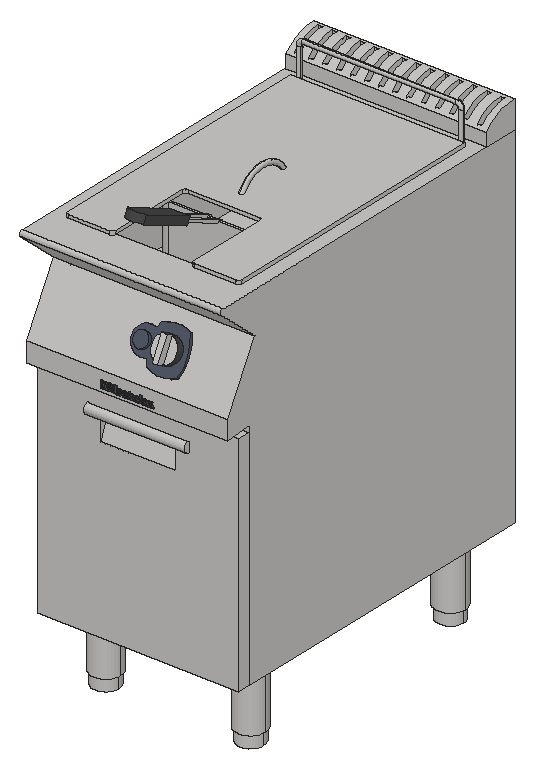
Revit family "QF_ELECTROLUXPROFESSIONAL_371070_E7FRGD1GF0", category Specialty Equipment, Revit 2018 (continued)
Automatic sketch dimensions
  Extrusion 38 sketch curve to Extrusion 38 sketch curve = 1.345 mm  (x2)
  Extrusion 38 sketch curve to Extrusion 38 sketch curve = 0.137 mm  (x2)
  Extrusion 38 sketch curve to Extrusion 38 sketch curve = 0.432 mm
  Extrusion 38 sketch curve to Extrusion 38 sketch curve = 1.142 mm
  Extrusion 38 sketch curve to Extrusion 38 sketch curve = 0.959 mm
  Extrusion 38 sketch curve to Extrusion 38 sketch curve = 0.176 mm
  Extrusion 38 sketch curve to Extrusion 38 sketch curve = 0.728 mm
  Extrusion 38 sketch curve to Extrusion 38 sketch curve = 3.375 mm  (x2)
  Extrusion 38 sketch curve to Extrusion 38 sketch curve = 1.905 mm
  Extrusion 38 sketch curve to Extrusion 38 sketch curve = 0.955 mm
  Extrusion 38 sketch curve to Extrusion 38 sketch curve = 1.251 mm
  Extrusion 38 sketch curve to Extrusion 38 sketch curve = 0.572 mm
  Extrusion 38 sketch curve to Extrusion 38 sketch curve = 1.92 mm
  Extrusion 38 sketch curve to Extrusion 38 sketch curve = 1.224 mm
  Extrusion 38 sketch curve to Extrusion 38 sketch curve = 0.745 mm
  Extrusion 38 sketch curve to Extrusion 38 sketch curve = 2.537 mm
  Extrusion 38 sketch curve to Extrusion 38 sketch curve = 0.896 mm  (x3)
  Extrusion 38 sketch curve to Extrusion 38 sketch curve = 0.036 mm
  Extrusion 38 sketch curve to Extrusion 38 sketch curve = 2.607 mm
  Extrusion 38 sketch curve to Extrusion 38 sketch curve = 0.066 mm
  Extrusion 38 sketch curve to Extrusion 38 sketch curve = 0.248 mm
  Extrusion 38 sketch curve to Extrusion 38 sketch curve = 0.449 mm
  Extrusion 38 sketch curve to Extrusion 38 sketch curve = 1.052 mm
  Extrusion 38 sketch curve to Extrusion 38 sketch curve = 1.863 mm
  Extrusion 38 sketch curve to Extrusion 38 sketch curve = 1.31 mm  (x2)
  Extrusion 38 sketch curve to Extrusion 38 sketch curve = 0.901 mm
  Extrusion 38 sketch curve to Extrusion 38 sketch curve = 1.107 mm
  Extrusion 38 sketch curve to Extrusion 38 sketch curve = 2.122 mm
  Extrusion 38 sketch curve to Extrusion 38 sketch curve = 2.101 mm
  Extrusion 38 sketch curve to Extrusion 38 sketch curve = 0.106 mm
  Extrusion 38 sketch curve to Extrusion 38 sketch curve = 0.029 mm
  Extrusion 38 sketch curve to Extrusion 38 sketch curve = 2.09 mm
  Extrusion 38 sketch curve to Extrusion 38 sketch curve = 1.279 mm
  Extrusion 38 sketch curve to Extrusion 38 sketch curve = 2.008 mm
  Extrusion 38 sketch curve to Extrusion 38 sketch curve = 0.738 mm
  Extrusion 38 sketch curve to Extrusion 38 sketch curve = 0.382 mm
  Extrusion 38 sketch curve to Extrusion 38 sketch curve = 0.384 mm
  Extrusion 38 sketch curve to Extrusion 38 sketch curve = 0.002 mm
  Extrusion 38 sketch curve to Extrusion 38 sketch curve = 0.561 mm
  Extrusion 38 sketch curve to Extrusion 38 sketch curve = 0.592 mm
  Extrusion 38 sketch curve to Extrusion 38 sketch curve = 2.692 mm
  Extrusion 38 sketch curve to Extrusion 38 sketch curve = 1.259 mm
  Extrusion 38 sketch curve to Extrusion 38 sketch curve = 0.802 mm
  Extrusion 38 sketch curve to Extrusion 38 sketch curve = 1.024 mm  (x2)
  Extrusion 38 sketch curve to Extrusion 38 sketch curve = 0.682 mm
  Extrusion 38 sketch curve to Extrusion 38 sketch curve = 5.934 mm
  Extrusion 38 sketch curve to Extrusion 38 sketch curve = 2.186 mm
  Extrusion 38 sketch curve to Extrusion 38 sketch curve = 0.337 mm
  Extrusion 38 sketch curve to Extrusion 38 sketch curve = 0.021 mm
  Extrusion 38 sketch curve to Extrusion 38 sketch curve = 1.005 mm
  Extrusion 38 sketch curve to Extrusion 38 sketch curve = 0.552 mm
  Extrusion 38 sketch curve to Extrusion 38 sketch curve = 0.778 mm
  Extrusion 38 sketch curve to Extrusion 38 sketch curve = 0.063 mm
  Extrusion 38 sketch curve to Extrusion 38 sketch curve = 1.023 mm
  Extrusion 38 sketch curve to Extrusion 38 sketch curve = 3.804 mm
  Extrusion 38 sketch curve to Extrusion 38 sketch curve = 0.486 mm
  Extrusion 38 sketch curve to Extrusion 38 sketch curve = 0.266 mm  (x2)
  Extrusion 38 sketch curve to Extrusion 38 sketch curve = 1.547 mm
  Extrusion 38 sketch curve to Extrusion 38 sketch curve = 0.717 mm  (x2)
  Extrusion 38 sketch curve to Extrusion 38 sketch curve = 1.667 mm
  Extrusion 38 sketch curve to Extrusion 38 sketch curve = 3.174 mm
  Extrusion 38 sketch curve to plane 7 "Center Y" = 0.741 mm
  Extrusion 38 sketch curve to Extrusion 38 sketch curve = 0.388 mm
  Extrusion 38 sketch curve to Extrusion 38 sketch curve = 1.342 mm
  Extrusion 38 sketch curve to Extrusion 38 sketch curve = 1.521 mm
  Extrusion 38 sketch curve to Extrusion 38 sketch curve = 0.124 mm
  Extrusion 38 sketch curve to Extrusion 38 sketch curve = 0.291 mm
  plane 7 "Center Y" to Extrusion 38 sketch curve = 6.176 mm
  Extrusion 38 sketch curve to Extrusion 38 sketch curve = 1.049 mm  (x2)
  Extrusion 38 sketch curve to Extrusion 38 sketch curve = 1.7 mm
  Extrusion 38 sketch curve to Extrusion 38 sketch curve = 0.894 mm
  Extrusion 38 sketch curve to Extrusion 38 sketch curve = 0.989 mm
  Extrusion 38 sketch curve to Extrusion 38 sketch curve = 1.168 mm
  Extrusion 38 sketch curve to Extrusion 38 sketch curve = 1.594 mm
  Extrusion 38 sketch curve to Extrusion 38 sketch curve = 0.731 mm
  Extrusion 38 sketch curve to Extrusion 38 sketch curve = 1.566 mm
  Extrusion 38 sketch curve to Extrusion 38 sketch curve = 0.064 mm
  plane 7 "Center Y" to Extrusion 38 sketch curve = 6.733 mm
  Extrusion 38 sketch curve to Extrusion 38 sketch curve = 0.556 mm  (x2)
  Extrusion 38 sketch curve to Extrusion 38 sketch curve = 0.48 mm
  Extrusion 38 sketch curve to Extrusion 38 sketch curve = 1.018 mm
  Extrusion 38 sketch curve to Extrusion 38 sketch curve = 0.787 mm
  Extrusion 38 sketch curve to Extrusion 38 sketch curve = 0.618 mm
  Extrusion 38 sketch curve to Extrusion 38 sketch curve = 1.672 mm
  Extrusion 38 sketch curve to Extrusion 38 sketch curve = 1.361 mm
  Extrusion 38 sketch curve to Extrusion 38 sketch curve = 0.822 mm
  Extrusion 38 sketch curve to Extrusion 38 sketch curve = 0.069 mm
  Extrusion 38 sketch curve to Extrusion 38 sketch curve = 1.88 mm
  Extrusion 38 sketch curve to Extrusion 38 sketch curve = 0.42 mm
  Extrusion 38 sketch curve to Extrusion 38 sketch curve = 0.062 mm
  Extrusion 38 sketch curve to Extrusion 38 sketch curve = 1.355 mm
  Extrusion 38 sketch curve to Extrusion 38 sketch curve = 2.34 mm
  Extrusion 38 sketch curve to Extrusion 38 sketch curve = 0.493 mm
  Extrusion 38 sketch curve to Extrusion 38 sketch curve = 0.136 mm
  Extrusion 38 sketch curve to Extrusion 38 sketch curve = 0.128 mm
  Extrusion 38 sketch curve to Extrusion 38 sketch curve = 3.616 mm
  Extrusion 38 sketch curve to Extrusion 38 sketch curve = 4.207 mm
  Extrusion 38 sketch curve to Extrusion 38 sketch curve = 0.183 mm
  Extrusion 38 sketch curve to Extrusion 38 sketch curve = 0.895 mm
  Extrusion 38 sketch curve to Extrusion 38 sketch curve = 1.314 mm
  Extrusion 38 sketch curve to Extrusion 38 sketch curve = 3.231 mm
  Extrusion 38 sketch curve to Extrusion 38 sketch curve = 1.299 mm
  Extrusion 38 sketch curve to Extrusion 38 sketch curve = 1.214 mm
  Extrusion 38 sketch curve to Extrusion 38 sketch curve = 1.264 mm
  Extrusion 38 sketch curve to Extrusion 38 sketch curve = 0.109 mm
  Extrusion 38 sketch curve to Extrusion 38 sketch curve = 0.357 mm
  Extrusion 38 sketch curve to Extrusion 38 sketch curve = 0.565 mm
  Extrusion 38 sketch curve to Extrusion 38 sketch curve = 2.504 mm
  Extrusion 38 sketch curve to Extrusion 38 sketch curve = 2.459 mm
  Extrusion 38 sketch curve to Extrusion 38 sketch curve = 1.322 mm
  Extrusion 38 sketch curve to Extrusion 38 sketch curve = 2.77 mm
  Extrusion 38 sketch curve to Extrusion 38 sketch curve = 2.51 mm
  Extrusion 38 sketch curve to Extrusion 38 sketch curve = 0.187 mm
  Extrusion 38 sketch curve to Extrusion 38 sketch curve = 2.559 mm
  Extrusion 38 sketch curve to Extrusion 38 sketch curve = 1.556 mm
  Extrusion 38 sketch curve to Extrusion 38 sketch curve = 0.222 mm
  Extrusion 38 sketch curve to Extrusion 38 sketch curve = 1.383 mm
  Extrusion 38 sketch curve to Extrusion 38 sketch curve = 3.114 mm
  Extrusion 38 sketch curve to Extrusion 38 sketch curve = 3.376 mm
  Extrusion 38 sketch curve to Extrusion 38 sketch curve = 0.934 mm
  Extrusion 38 sketch curve to Extrusion 38 sketch curve = 0.191 mm
  Extrusion 38 sketch curve to Extrusion 38 sketch curve = 3.696 mm
  Extrusion 38 sketch curve to Extrusion 38 sketch curve = 2.708 mm
  Extrusion 38 sketch curve to Extrusion 38 sketch curve = 3.333 mm
  Extrusion 38 sketch curve to Extrusion 38 sketch curve = 0.332 mm
  Extrusion 38 sketch curve to Extrusion 38 sketch curve = 1.087 mm
  Extrusion 38 sketch curve to Extrusion 38 sketch curve = 2.23 mm
  Extrusion 38 sketch curve to Extrusion 38 sketch curve = 2.757 mm
  Extrusion 38 sketch curve to Extrusion 38 sketch curve = 0.987 mm
  Extrusion 38 sketch curve to Extrusion 38 sketch curve = 1.529 mm
  Extrusion 38 sketch curve to Extrusion 38 sketch curve = 1.796 mm
  Extrusion 38 sketch curve to Extrusion 38 sketch curve = 2.859 mm
  Extrusion 38 sketch curve to Extrusion 38 sketch curve = 0.853 mm
  Extrusion 38 sketch curve to Extrusion 38 sketch curve = 1.241 mm
  Extrusion 38 sketch curve to Extrusion 38 sketch curve = 2.046 mm  (x2)
  Extrusion 38 sketch curve to Extrusion 38 sketch curve = 2.422 mm
  Extrusion 38 sketch curve to Extrusion 38 sketch curve = 0.27 mm  (x2)
  Extrusion 38 sketch curve to Extrusion 38 sketch curve = 0.69 mm
  Extrusion 38 sketch curve to Extrusion 38 sketch curve = 0.781 mm  (x2)
  Extrusion 38 sketch curve to Extrusion 38 sketch curve = 3.136 mm
  Extrusion 38 sketch curve to Extrusion 38 sketch curve = 1.767 mm
  Extrusion 38 sketch curve to Extrusion 38 sketch curve = 0.138 mm
  Extrusion 38 sketch curve to Extrusion 38 sketch curve = 0.777 mm
  Extrusion 38 sketch curve to Extrusion 38 sketch curve = 1.19 mm
  Extrusion 38 sketch curve to Extrusion 38 sketch curve = 0.782 mm
  Extrusion 38 sketch curve to Extrusion 38 sketch curve = 1.268 mm
  Extrusion 38 sketch curve to Extrusion 38 sketch curve = 0.422 mm  (x2)
  Extrusion 38 sketch curve to Extrusion 38 sketch curve = 1.559 mm
  Extrusion 38 sketch curve to Extrusion 38 sketch curve = 3.927 mm
  Extrusion 38 sketch curve to Extrusion 38 sketch curve = 0.983 mm
  Extrusion 38 sketch curve to Extrusion 38 sketch curve = 1.134 mm
  Extrusion 38 sketch curve to Extrusion 38 sketch curve = 0.094 mm
  Extrusion 38 sketch curve to Extrusion 38 sketch curve = 1.584 mm
  Extrusion 38 sketch curve to Extrusion 38 sketch curve = 0.643 mm
  Extrusion 38 sketch curve to Extrusion 38 sketch curve = 0.916 mm
  Extrusion 38 sketch curve to Extrusion 38 sketch curve = 0.352 mm
  Extrusion 38 sketch curve to Extrusion 38 sketch curve = 0.458 mm
  Extrusion 38 sketch curve to Extrusion 38 sketch curve = 1.282 mm
  Extrusion 38 sketch curve to Extrusion 38 sketch curve = 1.363 mm
  Extrusion 38 sketch curve to Extrusion 38 sketch curve = 0.685 mm
  Extrusion 38 sketch curve to Extrusion 38 sketch curve = 0.905 mm
  Extrusion 38 sketch curve to Extrusion 38 sketch curve = 2.865 mm
  Extrusion 38 sketch curve to Extrusion 38 sketch curve = 0.472 mm
  Extrusion 38 sketch curve to Extrusion 38 sketch curve = 0.101 mm
  Extrusion 38 sketch curve to Extrusion 38 sketch curve = 0.54 mm
  Extrusion 38 sketch curve to Extrusion 38 sketch curve = 0.02 mm
  Extrusion 38 sketch curve to Extrusion 38 sketch curve = 0.468 mm
  Extrusion 38 sketch curve to Extrusion 38 sketch curve = 0.829 mm
  Extrusion 38 sketch curve to Extrusion 38 sketch curve = 0.582 mm
  Extrusion 38 sketch curve to Extrusion 38 sketch curve = 0.166 mm
  Extrusion 38 sketch curve to Extrusion 38 sketch curve = 0.16 mm
  Extrusion 38 sketch curve to Extrusion 38 sketch curve = 2.781 mm
  Extrusion 38 sketch curve to Extrusion 38 sketch curve = 1.118 mm
  Extrusion 38 sketch curve to Extrusion 38 sketch curve = 0.613 mm
  Extrusion 38 sketch curve to Extrusion 38 sketch curve = 0.361 mm
  Extrusion 38 sketch curve to Extrusion 38 sketch curve = 0.897 mm
  Extrusion 38 sketch curve to Extrusion 38 sketch curve = 0.167 mm
  Extrusion 38 sketch curve to Extrusion 38 sketch curve = 0.292 mm
  Extrusion 38 sketch curve to Extrusion 38 sketch curve = 0.305 mm
  Extrusion 38 sketch curve to Extrusion 38 sketch curve = 1.557 mm
  Extrusion 38 sketch curve to Extrusion 38 sketch curve = 2.499 mm
  Extrusion 38 sketch curve to Extrusion 38 sketch curve = 3.062 mm
  Extrusion 38 sketch curve to Extrusion 38 sketch curve = 2.968 mm
  Extrusion 38 sketch curve to Extrusion 38 sketch curve = 5.044 mm
  Extrusion 38 sketch curve to Extrusion 38 sketch curve = 0.629 mm  (x2)
  Extrusion 38 sketch curve to Extrusion 38 sketch curve = 1.131 mm
  Extrusion 38 sketch curve to Extrusion 38 sketch curve = 0.027 mm
  Extrusion 38 sketch curve to Extrusion 38 sketch curve = 2.235 mm
  radius of Sweep 5 sketch curve = 4.353 mm
  radius of Sweep 6 sketch curve = 3.827 mm
  radius of Extrusion 22 sketch curve = 25.4 mm
  radius of Extrusion 23 sketch curve to Extrusion 22 = 0 mm  (x2)
  radius of Extrusion 36 sketch curve = 6.35 mm
  radius of Extrusion 37 sketch curve = 15 mm
Connectors
  piping at (348, -505, 137.3), diameter 12.8
    settings: on Extrusion 36, index 1, connector inside diameter 0.50394", connector length 0 mm, flow factor 0, pipe flow 0 GPM, pressure drop 0.00 psi, fitting loss kfactor 0, connector angle 0.00°, fixture units 0, engagement length 0 mm, angle of deflection 0.00°, flow configuration 1, flow direction 1, fitting loss method 0, system type 7, joint type 0, gender type 0, connector reference index -1, connector utility 0, adjustable connector no, is connector primary yes, connector description "Gas Inlet"
